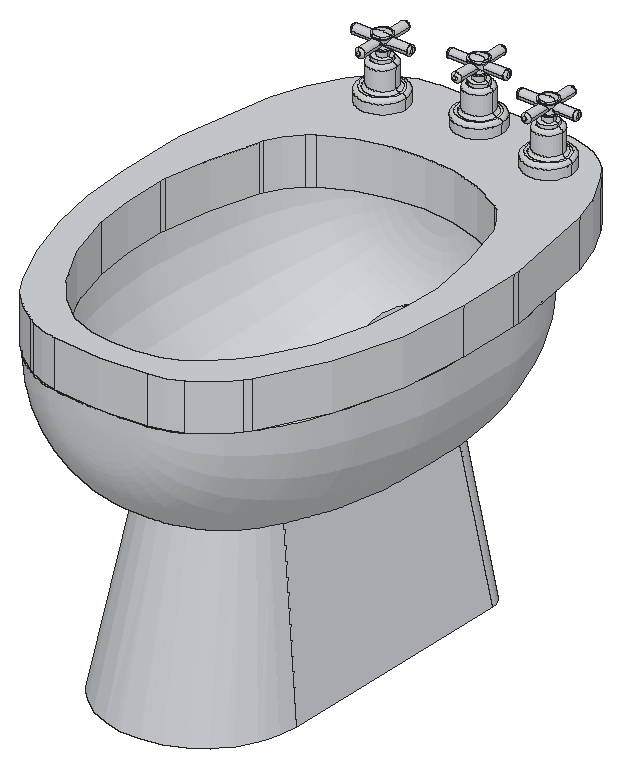
Revit family "Bidê", category Peças hidrossanitárias, Revit 2019
Family settings
  Cota do conector redondo = Utilizar diâmetro
  Tipo de parte = Normal
  Com base no plano de trabalho = Não
  Sempre na vertical = Sim
  Corte com vazios quando carregada = Não
  Compartilhado = Não
  Ponto de cálculo do ambiente = Não
Parameters (values of type "370 x 550 x 385mm")
  Material do vaso sanitário = none
  Descrição = "Pedestal do bidê"
Reference planes
  plane 1 "Centro (Frente/Trás)": y = 0
  plane 2: z = 0
  plane 3 "Centro (Esquerda/Direita)": x = 0
  plane 4: x = -185
  plane 5: x = 185
  plane 6: y = -275
  plane 7: y = 275
  plane 8: z = 385
  plane 9: z = 335
  plane 10: x = -100
  plane 11: x = 100
  plane 12: x = -60
  plane 13: x = 60
  plane 14: y = -110
  plane 15: y = -40
  plane 16: y = 125
  plane 17: x = -135
  plane 18: x = 135
  plane 19: y = 195
  plane 20: y = 216.171
  plane 21: z = 345
Forms (mm)
  Revolve 1, solid, material <- "Material do vaso sanitário"
    sketch origin (625.452, 0, 335) x (1, 0, 0) y (0, 1, 0)
      loop
        line (-625.452, -273.167) -> (-625.452, 195)
        spline (-625.452, 195) -> (-727.378, 190.313) -> (-767.047, 167.57) -> (-799.098, 117.296) -> (-809.808, 71.166) -> (-810.449, 21.804) -> (-808.702, -43.414) -> (-799.68, -94.573) -> (-786.296, -148.37) -> (-763.595, -199.551) -> (-731.924, -242.253) -> (-686.491, -268.334) -> (-625.452, -273.167)
      axis (-625.452, 195) -> (-625.452, -273.167)
    angle from 0 to 180
  Blend 2, solid, material <- "Material do vaso sanitário"
    base sketch origin (0, -120, 0) x (1, 0, 0) y (0, 1, 0)
      loop
        arc (-80, 275) -> (-94.142, 269.142) -> (-100, 255) r 20
        line (-100, 255) -> (-100, -10)
        arc (-100, -10) -> (0, -110) -> (100, -10) r 100
        line (100, -10) -> (100, 255)
        arc (100, 255) -> (94.142, 269.142) -> (80, 275) r 20
        line (80, 275) -> (-80, 275)
    top sketch origin (0, -120, 0) x (1, 0, 0) y (0, 1, 0)
      loop
        arc (-40, 252.762) -> (-54.142, 246.904) -> (-60, 232.762) r 20
        line (-60, 232.762) -> (-60, 15)
        arc (-60, 15) -> (0, -45) -> (60, 15) r 60
        line (60, 15) -> (60, 232.762)
        arc (60, 232.762) -> (54.142, 246.904) -> (40, 252.762) r 20
        line (40, 252.762) -> (-40, 252.762)
    from 0 to 250
  Extrusion 3, solid, material <- "Material do vaso sanitário"
    sketch origin (625.452, 0, 335) x (1, 0, 0) y (0, 1, 0)
      loop
        line (-625.452, 273.709) -> (-694.034, 273.709)
        arc (-694.034, 273.709) -> (-696.362, 273.655) -> (-698.686, 273.492) r 50
        arc (-698.686, 273.492) -> (-735.603, 261.233) -> (-763.38, 234.003) r 86.261
        arc (-763.38, 234.003) -> (-780.377, 202.396) -> (-792.492, 168.616) r 241.019
        arc (-792.492, 168.616) -> (-803.661, 118.863) -> (-809.908, 68.254) r 520.398
        arc (-809.908, 68.254) -> (-810.316, 60.887) -> (-810.452, 53.509) r 200
        line (-810.452, 53.509) -> (-810.452, -10)
        arc (-810.452, -10) -> (-807.21, -60.415) -> (-797.536, -110) r 393.571
        arc (-797.536, -110) -> (-781.644, -159.321) -> (-760.452, -206.607) r 472.945
        arc (-760.452, -206.607) -> (-740.227, -234.807) -> (-712.739, -255.989) r 119.239
        arc (-712.739, -255.989) -> (-709.462, -257.784) -> (-706.152, -259.518) r 200
        arc (-706.152, -259.518) -> (-691.301, -265.669) -> (-675.656, -269.361) r 100
        arc (-675.656, -269.361) -> (-625.452, -273.167) -> (-575.248, -269.361) r 333.076
        arc (-575.248, -269.361) -> (-558.938, -265.452) -> (-543.511, -258.872) r 100
        arc (-543.511, -258.872) -> (-522.862, -244.842) -> (-505.76, -226.658) r 114.073
        arc (-505.76, -226.658) -> (-503.341, -223.302) -> (-501.064, -219.849) r 100
        arc (-501.064, -219.849) -> (-455.908, -119.214) -> (-440.452, -10) r 393.571
        line (-440.452, -10) -> (-440.452, 56.95)
        arc (-440.452, 56.95) -> (-440.504, 60.17) -> (-440.659, 63.387) r 100
        arc (-440.659, 63.387) -> (-446.831, 116.458) -> (-458.412, 168.616) r 520.398
        arc (-458.412, 168.616) -> (-470.527, 202.396) -> (-487.524, 234.003) r 241.019
        arc (-487.524, 234.003) -> (-520.68, 264.258) -> (-564.549, 273.759) r 86.261
        arc (-564.549, 273.759) -> (-565.547, 273.721) -> (-566.546, 273.709) r 40
        line (-566.546, 273.709) -> (-625.452, 273.709)
      loop
        arc (-529.093, 141.04) -> (-625.452, 168.616) -> (-721.81, 141.04) r 182.136
        arc (-721.81, 141.04) -> (-725.535, 138.411) -> (-728.937, 135.376) r 40
        arc (-728.937, 135.376) -> (-740.981, 121.013) -> (-750.344, 104.774) r 107.341
        arc (-750.344, 104.774) -> (-751.136, 102.954) -> (-751.838, 101.096) r 40
        arc (-751.838, 101.096) -> (-765.757, 52.435) -> (-773.986, 2.496) r 439.214
        arc (-773.986, 2.496) -> (-774.258, -0.505) -> (-774.44, -3.512) r 100
        arc (-774.44, -3.512) -> (-773.972, -47.239) -> (-768.61, -90.639) r 389.894
        arc (-768.61, -90.639) -> (-753.949, -141.338) -> (-729.277, -187.993) r 257.977
        arc (-729.277, -187.993) -> (-710.632, -210.946) -> (-688.054, -230.042) r 158.733
        arc (-688.054, -230.042) -> (-685.355, -231.767) -> (-682.527, -233.27) r 40
        arc (-682.527, -233.27) -> (-634.634, -245.97) -> (-585.439, -240.061) r 131.604
        arc (-585.439, -240.061) -> (-567.566, -232.37) -> (-551.521, -221.363) r 100
        arc (-551.521, -221.363) -> (-535.391, -205.738) -> (-521.627, -187.993) r 158.733
        arc (-521.627, -187.993) -> (-496.955, -141.338) -> (-482.294, -90.639) r 257.977
        arc (-482.294, -90.639) -> (-476.932, -47.239) -> (-476.463, -3.512) r 389.894
        arc (-476.463, -3.512) -> (-476.645, -0.505) -> (-476.918, 2.496) r 100
        arc (-476.918, 2.496) -> (-485.147, 52.435) -> (-499.066, 101.096) r 439.214
        arc (-499.066, 101.096) -> (-499.767, 102.954) -> (-500.56, 104.774) r 40
        arc (-500.56, 104.774) -> (-509.922, 121.013) -> (-521.967, 135.376) r 107.341
        arc (-521.967, 135.376) -> (-525.369, 138.411) -> (-529.093, 141.04) r 40
    from 0 to 50
  Revolve 4, void
    sketch origin (625.452, 0, 335) x (1, 0, 0) y (0, 1, 0)
      loop
        line (-625.452, -255) -> (-625.452, 185)
        spline (-625.452, 185) -> (-706.996, 165.877) -> (-740.899, 132.593) -> (-762, 88.558) -> (-773.128, 36.46) -> (-777.543, -3.855) -> (-777.178, -35.116) -> (-772.181, -73.094) -> (-761.172, -119.423) -> (-743.271, -162.947) -> (-723.51, -198.901) -> (-687.498, -235.816) -> (-625.452, -255)
      axis (-625.452, 185) -> (-625.452, -255)
    angle from 0 to 180
  Extrusion 5, void
    sketch origin (0, 0, 0) x (1, 0, 0) y (0, 1, 0)
      loop
        circle (0, 125) r 35
    from 193.325 to 250
Cuts and joins
  Revolve 4, Extrusion 5 cuts Revolve 1
  Revolve 4, Extrusion 5 cuts Blend 2
  joined: Revolve 1, Blend 2
Lines and regions (mm)
  Masking region 1
    outline origin (-1884.936, 275, 1200) x (-1, 0, 0) y (0, 0, 1)
      loop
        line (-1719.482, -815) -> (-2050.39, -815)
        arc (-2050.39, -815) -> (-2055.02, -816.442) -> (-2057.959, -820.3) r 7.974
        line (-2057.959, -820.3) -> (-2069.106, -861.903)
        arc (-2069.106, -861.903) -> (-2069.19, -864.753) -> (-2068.23, -867.437) r 7.684
        line (-2068.23, -867.437) -> (-1969.56, -1008.352)
        arc (-1969.56, -1008.352) -> (-1954.484, -1046.626) -> (-1958.426, -1087.573) r 88.108
        line (-1958.426, -1087.573) -> (-1984.36, -1197.557)
        arc (-1984.36, -1197.557) -> (-1984.007, -1199.229) -> (-1982.481, -1200) r 1.975
        line (-1982.481, -1200) -> (-1787.391, -1200)
        arc (-1787.391, -1200) -> (-1785.865, -1199.229) -> (-1785.512, -1197.557) r 1.975
        line (-1785.512, -1197.557) -> (-1811.446, -1087.573)
        arc (-1811.446, -1087.573) -> (-1815.389, -1046.626) -> (-1800.312, -1008.352) r 88.108
        line (-1800.312, -1008.352) -> (-1701.642, -867.437)
        arc (-1701.642, -867.437) -> (-1700.682, -864.753) -> (-1700.766, -861.903) r 7.684
        line (-1700.766, -861.903) -> (-1711.914, -820.3)
        arc (-1711.914, -820.3) -> (-1714.852, -816.442) -> (-1719.482, -815) r 7.974
  Masking region 2
    outline origin (0, 0, 0) x (0, 1, 0) y (0, 0, 1)
      loop
        arc (265.894, 379.319) -> (263.52, 383.364) -> (259.124, 385) r 6.995
        line (259.124, 385) -> (-259.091, 385)
        arc (-259.091, 385) -> (-263.137, 383.366) -> (-265.384, 379.626) r 6.875
        line (-265.384, 379.626) -> (-273.253, 335)
        spline (-273.253, 335) -> (-268.391, 286.891) -> (-258.226, 261.776) -> (-239.437, 237.899) -> (-210.471, 214.812) -> (-186.635, 197.881) -> (-171.274, 181.981) -> (-163.563, 154.459) -> (-167.073, 133.515) -> (-177.137, 109.086) -> (-191.27, 77.712) -> (-211.458, 36.59) -> (-229.472, 1.102)
        arc (-229.472, 1.102) -> (-229.535, 0.445) -> (-229.049, 0) r 0.739
        line (-229.049, 0) -> (153.602, 0)
        arc (153.602, 0) -> (154.448, 0.324) -> (154.856, 1.132) r 1.257
        line (154.856, 1.132) -> (133.315, 170.828)
        arc (133.315, 170.828) -> (151.274, 174.817) -> (163.813, 188.278) r 31.014
        line (163.813, 188.278) -> (197.126, 345) -> (269.678, 345)
        arc (269.678, 345) -> (271.14, 345.676) -> (271.552, 347.233) r 1.893
        line (271.552, 347.233) -> (265.894, 379.319)
  Masking region 3, detail levels medium+fine
    outline origin (0, 0, 0) x (0, 1, 0) y (0, 0, 1)
      loop
        line (217.572, 345) -> (197.126, 345) -> (163.813, 188.278)
        arc (163.813, 188.278) -> (151.274, 174.817) -> (133.315, 170.828) r 31.014
        line (133.315, 170.828) -> (135.867, 150.723)
        arc (135.867, 150.723) -> (164.143, 159.273) -> (182.939, 182.061) r 51.014
        line (182.939, 182.061) -> (217.572, 345)
  Masking region 4
    outline origin (0, 0, 0) x (1, 0, 0) y (0, 1, 0)
      loop
        arc (-99.879, 275) -> (-128.458, 265.45) -> (-145.554, 240.636) r 47.536
        arc (-145.554, 240.636) -> (-173.73, 110.571) -> (-184.938, -22.038) r 1032.156
        arc (-184.938, -22.038) -> (-172.007, -118.222) -> (-130.626, -206.006) r 317.499
        arc (-130.626, -206.006) -> (-73.961, -256.987) -> (0, -275.417) r 157.62
        arc (0, -275.417) -> (73.961, -256.987) -> (130.626, -206.007) r 157.619
        arc (130.626, -206.007) -> (172.007, -118.222) -> (184.938, -22.038) r 317.499
        arc (184.938, -22.038) -> (173.741, 110.499) -> (145.594, 240.496) r 1032.156
        arc (145.594, 240.496) -> (128.516, 265.406) -> (99.879, 275) r 47.536
        line (99.879, 275) -> (-99.879, 275)
  Masking region 5
    outline origin (0, 0, 0) x (1, 0, 0) y (0, 1, 0)
      loop
        arc (-93.274, 105.374) -> (-137.106, -37.737) -> (-93.274, -180.849) r 255.544
        arc (-93.274, -180.849) -> (-52.806, -217.231) -> (0, -230.383) r 112.585
        arc (0, -230.383) -> (52.806, -217.231) -> (93.274, -180.849) r 112.585
        arc (93.274, -180.849) -> (137.106, -37.737) -> (93.274, 105.374) r 255.544
        arc (93.274, 105.374) -> (52.805, 141.757) -> (0, 154.909) r 112.585
        arc (0, 154.909) -> (-52.806, 141.757) -> (-93.274, 105.374) r 112.585
  symbolic lines, style "Bidê"
    curve 1: line (-165.454, 0, 385) -> (165.454, 0, 385)
    curve 2: line (173.023, 0, 379.7) -> (184.17, 0, 338.097)
    curve 3: arc (173.023, 0, 379.7) -> (170.084, 0, 383.558) -> (165.454, 0, 385) r 7.974
    curve 4: line (-173.023, 0, 379.7) -> (-184.17, 0, 338.097)
    curve 5: arc (-173.023, 0, 379.7) -> (-170.084, 0, 383.558) -> (-165.454, 0, 385) r 7.974
    curve 6: line (183.294, 0, 332.563) -> (84.624, 0, 191.648)
    curve 7: line (97.545, 0, 0) -> (-97.545, 0, 0)
    curve 8: arc (84.624, 0, 191.648) -> (69.548, 0, 153.374) -> (73.49, 0, 112.427) r 88.108
    curve 9: line (73.49, 0, 112.427) -> (99.424, 0, 2.443)
    curve 10: arc (97.545, 0, 0) -> (99.071, 0, 0.771) -> (99.424, 0, 2.443) r 1.975
    curve 11: line (-183.294, 0, 332.563) -> (-84.624, 0, 191.648)
    curve 12: arc (-84.624, 0, 191.648) -> (-69.548, 0, 153.374) -> (-73.49, 0, 112.427) r 88.108
    curve 13: line (-73.49, 0, 112.427) -> (-99.424, 0, 2.443)
    curve 14: arc (-97.545, 0, 0) -> (-99.071, 0, 0.771) -> (-99.424, 0, 2.443) r 1.975
    curve 15: arc (184.17, 0, 338.097) -> (184.254, 0, 335.247) -> (183.294, 0, 332.563) r 7.684
    curve 16: arc (-184.17, 0, 338.097) -> (-184.254, 0, 335.247) -> (-183.294, 0, 332.563) r 7.684
    curve 18: line (0, -259.091, 385) -> (0, 259.124, 385)
    curve 19: line (0, 265.894, 379.319) -> (0, 271.552, 347.233)
    curve 20: line (0, 197.126, 345) -> (0, 163.813, 188.278)
    curve 21: line (0, 133.315, 170.828) -> (0, 154.856, 1.132)
    curve 22: arc (0, 163.813, 188.278) -> (0, 151.274, 174.817) -> (0, 133.315, 170.828) r 31.014
    curve 23: line (0, -273.253, 335) -> (0, -265.384, 379.626)
    curve 24: line (0, -273.253, 335) -> (0, -229.472, 1.102)
    curve 25: line (0, 153.602, 0) -> (0, -229.049, 0)
    curve 26: arc (0, 265.894, 379.319) -> (0, 263.52, 383.364) -> (0, 259.124, 385) r 6.995
    curve 27: arc (0, -259.091, 385) -> (0, -263.137, 383.366) -> (0, -265.384, 379.626) r 6.875
    curve 28: arc (0, 154.856, 1.132) -> (0, 154.448, 0.324) -> (0, 153.602, 0) r 1.257
    curve 29: arc (0, -229.472, 1.102) -> (0, -229.535, 0.445) -> (0, -229.049, 0) r 0.739
    curve 36: arc (0, 271.552, 347.233) -> (0, 271.14, 345.676) -> (0, 269.678, 345) r 1.893
    curve 51: arc (-146.819, 234.97, 0) -> (-130.725, 263.633, 0) -> (-99.879, 275, 0) r 47.536
    curve 52: line (-99.879, 275, 0) -> (99.879, 275, 0)
    curve 53: arc (99.879, 275, 0) -> (128.516, 265.406, 0) -> (145.594, 240.496, 0) r 47.536
    curve 54: arc (145.594, 240.496, 0) -> (173.741, 110.499, 0) -> (184.938, -22.038, 0) r 1032.156
    curve 55: arc (184.938, -22.038, 0) -> (172.007, -118.222, 0) -> (130.626, -206.007, 0) r 317.499
    curve 56: arc (130.626, -206.007, 0) -> (73.961, -256.987, 0) -> (0, -275.417, 0) r 157.619
    curve 57: arc (0, -275.417, 0) -> (-73.961, -256.987, 0) -> (-130.626, -206.006, 0) r 157.62
    curve 58: arc (-130.626, -206.006, 0) -> (-172.007, -118.222, 0) -> (-184.938, -22.038, 0) r 317.499
    curve 59: arc (-184.938, -22.038, 0) -> (-173.741, 110.499, 0) -> (-145.593, 240.496, 0) r 1032.156
    curve 60: arc (0, 154.909, 0) -> (52.805, 141.757, 0) -> (93.274, 105.374, 0) r 112.585
    curve 61: arc (93.274, 105.374, 0) -> (137.106, -37.737, 0) -> (93.274, -180.849, 0) r 255.544
    curve 62: arc (93.274, -180.849, 0) -> (52.806, -217.231, 0) -> (0, -230.383, 0) r 112.585
    curve 63: arc (0, -230.383, 0) -> (-52.806, -217.231, 0) -> (-93.274, -180.849, 0) r 112.585
    curve 64: arc (-93.274, -180.849, 0) -> (-137.106, -37.737, 0) -> (-93.274, 105.374, 0) r 255.544
    curve 65: arc (-93.274, 105.374, 0) -> (-52.806, 141.757, 0) -> (0, 154.909, 0) r 112.585
  symbolic lines, style "Bidê", detail levels medium+fine
    curve 17: line (184.211, 0, 335) -> (-184.211, 0, 335)
    curve 30: line (0, 133.315, 170.828) -> (0, -121.685, 170.828)
    curve 31: arc (0, -121.685, 170.828) -> (0, -153.017, 176.607) -> (0, -180.227, 193.181) r 87.837
    curve 32: line (0, 217.572, 345) -> (0, 182.939, 182.061)
    curve 33: arc (0, 182.939, 182.061) -> (0, 164.143, 159.273) -> (0, 135.867, 150.723) r 51.014
    curve 66: circle (-95.072, 222.46, 0) r 17.513 normal (0, 0, 1)
    curve 67: circle (0, 239.973, 0) r 17.513 normal (0, 0, 1)
    curve 68: circle (95.072, 222.46, 0) r 17.513 normal (0, 0, 1)
    curve 69: circle (0, 117.177, 0) r 22.517 normal (0, 0, 1)
    curve 70: circle (0, 117.177, 0) r 35.027 normal (0, 0, 1)
  symbolic lines, style "Bidê", detail levels fine
    curve 34: line (0, 269.678, 345) -> (0, 76.946, 345)
    curve 35: line (0, 76.946, 345) -> (0, 55, 335)
    curve 37: line (0, 55, 335) -> (0, -273.253, 335)
    curve 38: line (0, 151.065, 31) -> (0, -55.144, 31)
    curve 39: line (0, -95.144, 71) -> (0, -95.144, 127.069)
    curve 40: arc (0, -55.144, 31) -> (0, -83.428, 42.716) -> (0, -95.144, 71) r 40
    curve 41: line (0, 150.176, 38) -> (0, -49.824, 38)
    curve 42: arc (0, -49.824, 38) -> (0, -76.596, 47.218) -> (0, -92.017, 70.965) r 43.485
    curve 43: line (0, -92.017, 70.965) -> (0, -95.144, 127.069)
    curve 45: arc (146.819, 234.969, 0) -> (163.347, 114.017, 0) -> (174.356, -7.562, 0) r 2683.303
    curve 46: arc (174.356, -7.562, 0) -> (164.467, -108.339, 0) -> (122.386, -200.442, 0) r 307.556
    curve 47: arc (122.386, -200.442, 0) -> (69.295, -248.207, 0) -> (0, -265.475, 0) r 147.677
    curve 48: arc (0, -265.475, 0) -> (-69.296, -248.207, 0) -> (-122.386, -200.443, 0) r 147.677
    curve 49: arc (-122.386, -200.443, 0) -> (-164.467, -108.339, 0) -> (-174.356, -7.562, 0) r 307.556
    curve 50: arc (-174.356, -7.562, 0) -> (-163.347, 114.017, 0) -> (-146.819, 234.97, 0) r 2683.301
    curve 71: circle (0, -104.953, 0) r 14.011 normal (0, 0, 1)
  symbolic lines, style "Bidê", detail levels coarse+medium
    curve 44: line (0, 269.678, 345) -> (0, 197.126, 345)
Dimensions and locks
  aligned and locked: level to plane 2
Nested families
  nested 1: "Torneira 1" at (-89.846, 223, 385), type "Torneira 1", detail levels fine
  nested 2: "Torneira 1" at (0, 241, 385), type "Torneira 1", detail levels fine
  nested 3: "Torneira 1" at (89.846, 223, 385), type "Torneira 1", detail levels fine
Definition of nested family "Torneira 1"
  Parameters
    Material da torneira = none
    Default Elevation = 1219.2 mm
  Reference planes
    plane 1 "Centro (Frente/Trás)": y = 0
    plane 2: z = 0
    plane 3 "Centro (Esquerda/Direita)": x = 0
  Forms (mm)
    Extrusion 1, solid, material <- "Material da torneira"
      sketch origin (0, 0, 0) x (1, 0, 0) y (0, 1, 0)
        loop
          line (-95, 100) -> (-95, -57.6) -> (44.803, -57.6) -> (44.803, 100) -> (-95, 100)
      from 0 to -50
    Extrusion 2, solid, material <- "Material da torneira"
      sketch origin (0, 0, 0) x (1, 0, 0) y (0, 1, 0)
        loop
          circle (0, 0) r 25
      from 0 to 10
    Revolve 3, solid, material <- "Material da torneira"
      sketch origin (0, 0, 0) x (1, 0, 0) y (0, 0, 1)
        loop
          arc (25, 10) -> (23.828, 12.828) -> (21, 14) r 4
          line (21, 14) -> (0, 14) -> (0, 10) -> (25, 10)
        axis (0, 10) -> (0, 14)
      angle from 0 to 360
    Revolve 4, solid, material <- "Material da torneira"
      sketch origin (0, 0, 0) x (1, 0, 0) y (0, 0, 1)
        loop
          line (15, 17) -> (0, 17) -> (0, 14) -> (18, 14)
          arc (18, 14) -> (15.879, 14.879) -> (15, 17) r 3
        axis (0, 14) -> (0, 17)
      angle from 0 to 360
    Extrusion 5, solid, material <- "Material da torneira"
      sketch origin (0, 0, 0) x (1, 0, 0) y (0, 1, 0)
        loop
          circle (0, 0) r 15
      from 17 to 37
    Revolve 6, solid, material <- "Material da torneira"
      sketch origin (0, 0, 0) x (1, 0, 0) y (0, 0, 1)
        loop
          arc (15, 37) -> (13.828, 39.828) -> (11, 41) r 4
          line (11, 41) -> (0, 41) -> (0, 37) -> (15, 37)
        axis (0, 37) -> (0, 41)
      angle from 0 to 360
    Extrusion 7, solid, material <- "Material da torneira"
      sketch origin (0, 0, 0) x (1, 0, 0) y (0, 1, 0)
        loop
          circle (0, 0) r 10
      from 41 to 44
    Revolve 8, solid, material <- "Material da torneira"
      sketch origin (0, 0, 0) x (1, 0, 0) y (0, 0, 1)
        loop
          line (6, 45) -> (0, 45) -> (0, 44) -> (10, 44)
          arc (10, 44) -> (8.062, 44.746) -> (6, 45) r 8.5
        axis (0, 44) -> (0, 45)
      angle from 0 to 360
    Extrusion 9, solid, material <- "Material da torneira"
      sketch origin (0, 0, 0) x (1, 0, 0) y (0, 1, 0)
        loop
          circle (0, 0) r 6
      from 45 to 52.5
    Revolve 10, solid, material <- "Material da torneira"
      sketch origin (0, 0, 0) x (1, 0, 0) y (0, 0, 1)
        loop
          line (10, 53.5) -> (0, 53.5) -> (0, 52.5) -> (9, 52.5)
          arc (9, 52.5) -> (9.707, 52.793) -> (10, 53.5) r 1
        axis (0, 52.5) -> (0, 53.5)
      angle from 0 to 360
    Extrusion 11, solid, material <- "Material da torneira"
      sketch origin (0, 0, 0) x (1, 0, 0) y (0, 1, 0)
        loop
          circle (0, 0) r 10
      from 53.5 to 54.5
    Extrusion 12, solid, material <- "Material da torneira"
      sketch origin (0, 0, 0) x (1, 0, 0) y (0, 1, 0)
        loop
          circle (0, 0) r 10
      from 63.945 to 64.945
    Revolve 13, solid, material <- "Material da torneira"
      sketch origin (0, 0, 0) x (1, 0, 0) y (0, 0, 1)
        loop
          line (10, 63.945) -> (0, 63.945) -> (0, 54.5) -> (10, 54.5)
          arc (10, 54.5) -> (8.931, 59.222) -> (10, 63.945) r 10.967
        axis (0, 54.5) -> (0, 63.945)
      angle from 0 to 360
    Revolve 14, solid, material <- "Material da torneira"
      sketch origin (0, 0, 0) x (1, 0, 0) y (0, 0, 1)
        loop
          arc (10, 64.945) -> (9.707, 65.652) -> (9, 65.945) r 1
          line (9, 65.945) -> (0, 65.945) -> (0, 64.945) -> (10, 64.945)
        axis (0, 64.945) -> (0, 65.945)
      angle from 0 to 360
    Revolve 15, solid, material <- "Material da torneira"
      sketch origin (0, 0, 0) x (1, 0, 0) y (0, 0, 1)
        loop
          arc (8, 65.945) -> (4.079, 67.114) -> (0, 67.445) r 19.602
          line (0, 67.445) -> (0, 65.945) -> (8, 65.945)
        axis (0, 65.945) -> (0, 67.445)
      angle from 0 to 360
    Extrusion 16, solid, material <- "Material da torneira"
      sketch origin (0, 0, 0) x (1, 0, 0) y (0, 0, 1)
        loop
          circle (0, 59.222) r 4.722
      from 0 to 30
    Revolve 17, solid, material <- "Material da torneira"
      sketch origin (0, 0, 0) x (0, 1, 0) y (0, 0, 1)
        loop
          arc (-30, 63.945) -> (-31.414, 63.359) -> (-32, 61.945) r 2
          line (-32, 61.945) -> (-32, 59.222) -> (-30, 59.222) -> (-30, 63.945)
        axis (-30, 59.222) -> (-32, 59.222)
      angle from 0 to 360
    Extrusion 18, solid, material <- "Material da torneira"
      sketch origin (0, 0, 0) x (0, 1, 0) y (0, 0, -1)
        loop
          circle (0, -59.222) r 4.722
      from 0 to 30
    Revolve 19, solid, material <- "Material da torneira"
      sketch origin (0, 0, 0) x (1, 0, 0) y (0, 0, -1)
        loop
          line (-30, -63.945) -> (-30, -59.222) -> (-32, -59.222) -> (-32, -61.945)
          arc (-32, -61.945) -> (-31.414, -63.359) -> (-30, -63.945) r 2
        axis (-30, -59.222) -> (-32, -59.222)
      angle from 0 to 360
    Extrusion 20, solid, material <- "Material da torneira"
      sketch origin (0, 0, 0) x (0, 1, 0) y (0, 0, 1)
        loop
          circle (0, 59.222) r 4.722
      from 0 to 30
    Revolve 21, solid, material <- "Material da torneira"
      sketch origin (0, 0, 0) x (-1, 0, 0) y (0, 0, 1)
        loop
          arc (-30, 63.945) -> (-31.414, 63.359) -> (-32, 61.945) r 2
          line (-32, 61.945) -> (-32, 59.222) -> (-30, 59.222) -> (-30, 63.945)
        axis (-30, 59.222) -> (-32, 59.222)
      angle from 0 to 360
    Extrusion 22, solid, material <- "Material da torneira"
      sketch origin (0, 0, 0) x (1, 0, 0) y (0, 0, -1)
        loop
          circle (0, -59.222) r 4.722
      from 0 to 30
    Revolve 23, solid, material <- "Material da torneira"
      sketch origin (0, 0, 0) x (0, -1, 0) y (0, 0, 1)
        loop
          arc (-30, 63.945) -> (-31.414, 63.359) -> (-32, 61.945) r 2
          line (-32, 61.945) -> (-32, 59.222) -> (-30, 59.222) -> (-30, 63.945)
        axis (-30, 59.222) -> (-32, 59.222)
      angle from 0 to 360
  Dimensions and locks
    aligned and locked: plane 2 to Extrusion 1
    aligned and locked: level to Extrusion 1
